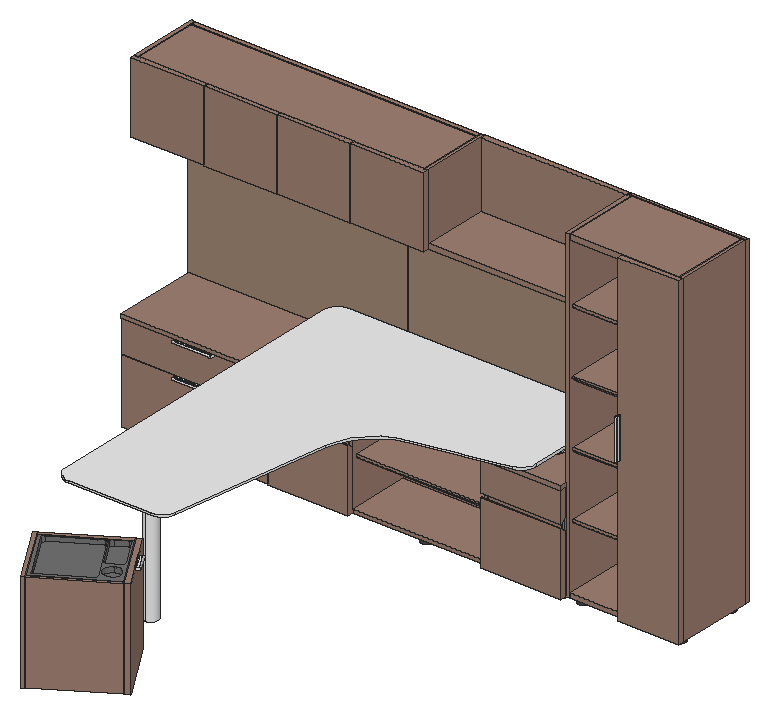
Revit family "OFS TYPICAL S100090", category Furniture, Revit 2022
Family settings
  OmniClass Number = 23.40.20.00
  OmniClass Title = General Furniture and Specialties
  Work Plane-Based = No
  Always vertical = Yes
  Cut with Voids When Loaded = No
  Render Appearance Source = Family Geometry
  Shared = No
  Room Calculation Point = No
Parameters (values of type "S100090")
  URL = "http://ofsbrands.com"
  Table Height [instance] = 27"
  Model = "S100090"
  Manufacturer = "OFS"
  Description = "OFS TYPICAL S100090"
  Default Elevation = 0"
  Copyright © = "© OFS BRANDS 2017"
  Catalog = "APTOS http://ofsbrands.com/products/casegoods/private-office/aptos"
  Authoring Version = "Autodesk Revit Architecture 2013"
  Assembly Code = "E2020200"
Reference planes (in)
  plane 1 "Center (Front/Back)": y = 0
  plane 2: z = 0
  plane 3 "Center (Left/Right)": x = 0
Dimensions and locks (in)
  aligned and locked: level to plane 2
Nested families (in)
  nested 1: "APTOS WALLMOUNT ORGANIZER WITH FOUR HINGED WOOD DOORS" at (-3, 0, 0), type "APTOS WALLMOUNT ORGANIZER WITH FOUR HINGED WOOD DOORS, 60" Width"
  nested 2: "APTOS WALLMOUNT OPEN SHELF ORGANIZER Cantilevered Fixed Shelf" at (42, 0, 0), type "APTOS WALLMOUNT OPEN SHELF ORGANIZER Cantilevered Fixed Shelf 30""
  nested 3: "APTOS LOW HEIGHT MODULAR PEDESTAL BOX-FILE 18IN Depth" at (-18.00247, -1.25, 0) x (-1, 0, 0) z (0, 0, 1), type "APTOS LOW HEIGHT MODULAR PEDESTAL BOX/FILE 30""
    with Width 30"
  nested 4: "APTOS TALL OPEN STORAGE WITH HINGED DOOR 18IN DEPTH" at (68.99753, 0, 0) x (-1, 0, 0) z (0, 0, 1), type "APTOS TALL OPEN STORAGE WITH HINGED DOOR 24" Wide 18" Planning Depth Single Hinged Door Left"
  nested 5: "APTOS HEIGHT ADJUSTABLE SWEEP TOP DESK 74W 60D - CORIAN TOP - 18D CABINET" at (50.99753, -37, 0) x (0, 1, 0) z (0, 0, 1), type "APTOS HEIGHT ADJUSTABLE SWEEP TOP DESK 74W 60W RIGHT OPEN END - CORIAN TOP - 18D CABINET"
    with Worksurface Height 27", Right Column yes, Right 4H4 no, Left Column no, Left 4H4 no, H4H Height Adjustable Panel Base Option no
  nested 6: "APTOS 18D LOW HEIGHT MODULAR CABINET TOP" at (-18.00247, 15, 0) x (-1, 0, 0) z (0, 0, 1), type "APTOS 18D LOW HEIGHT MODULAR CABINET TOP 30" Width"
  nested 7: "OFS APTOS Tackboard Two-Piece Tackboard Between Low Height Wallmounts" at (11.99753, 0, 0), type "Tackboard Two-Piece Tackboard Between Low Height Wallmounts 102 /1"
    with Width 90"
  nested 8: "APTOS MOBILE PEDESTAL" at (2.6181, -86.77102, 0) x (0.5159, -0.8567, 0) z (0, 0, 1), type "APTOS MOBILE PEDESTAL Trailing Box Drawer with Grey Insert Tray"
    with Tray Top yes, Flat Top no
Definition of nested family "APTOS WALLMOUNT ORGANIZER WITH FOUR HINGED WOOD DOORS"
  Parameters (values of type "APTOS WALLMOUNT ORGANIZER WITH FOUR HINGED WOOD DOORS, 78" Width")
    Width = 78"
    URL = "http://ofsbrands.com"
    Total Height [instance] = 68 1/4"
    Door Inset = 1"
    Door Gap = 1/8"
    Default Elevation = 0"
    Board Thick Door = 1"
    Depth = 15 5/8"
    Board Material = none
    Model = "34-7815HDW4"
    Manufacturer = "OFS"
    Board Thick Internal = 3/4"
    Height = 14 1/2"
    Description = "OFS BRANDS OFS WALLMOUNT ORGANIZER WITH HINGED WOOD DOORS, 78\" Width, Four Hinged Doors"
    Copyright © = "© OFS BRANDS 2017"
    Catalog = "APTOS http://ofsbrands.com/products/casegoods/private-office/aptos"
    Bottom Board Offset = 53 3/4"
    Board Thick Top and Bot = 7/8"
    Board Thick Sides = 3/4"
    Board Thick Front = 3/4"
    Board Thick Back = 1 1/8"
    Authoring Version = "Autodesk Revit Architecture 2013"
    Assembly Code = "E2020200"
  Types (5): name | Width | Model | Description
    (no name) | 78" | "34-7815HDW4" | "OFS BRANDS OFS WALLMOUNT ORGANIZER WITH HINGED WOOD DOORS, 78\" Width, Four Hinged Doors"
    APTOS WALLMOUNT ORGANIZER WITH FOUR HINGED WOOD DOORS, 60" Width | 60" | "34-6015HDW4" | "OFS BRANDS OFS WALLMOUNT ORGANIZER WITH HINGED WOOD DOORS, 60\" Width, Four Hinged Doors"
    APTOS WALLMOUNT ORGANIZER WITH FOUR HINGED WOOD DOORS, 66" Width | 66" | "34-6615HDW4" | "OFS BRANDS OFS WALLMOUNT ORGANIZER WITH HINGED WOOD DOORS, 66\" Width, Four Hinged Doors"
    APTOS WALLMOUNT ORGANIZER WITH FOUR HINGED WOOD DOORS, 72" Width | 72" | "34-7215HDW4" | "OFS BRANDS OFS WALLMOUNT ORGANIZER WITH HINGED WOOD DOORS, 72\" Width, Four Hinged Doors"
    APTOS WALLMOUNT ORGANIZER WITH FOUR HINGED WOOD DOORS, 78" Width | 78" | "34-7815HDW4" | "OFS BRANDS OFS WALLMOUNT ORGANIZER WITH HINGED WOOD DOORS, 78\" Width, Four Hinged Doors"
  Reference planes (in)
    plane 1 "Center Front/Back": y = 0
    plane 2: z = 0
    plane 3 "Center Left/Right": x = 0
    plane 4 "Left End": x = -39
    plane 5 "Front End": y = -14.625
    plane 6 "Right End": x = 39
    plane 7 "Back End": y = 0
    plane 8 "Height Top": z = 68.25
    plane 9: x = -38.25
    plane 10: x = 38.25
    plane 11: z = 67.375
    plane 12: z = 53.75
    plane 13: z = 54.625
    plane 14: y = -15.625
    plane 15: y = -1.125
    plane 16: y = -15.625
    plane 17: x = 35.75
    plane 18: x = -35.75
    plane 19: z = 61
    plane 20: x = 0
    plane 21: x = 0.0625
    plane 22: x = -0.0625
    plane 23: x = -19.5
    plane 24: x = -19.4375
    plane 25: x = -19.5625
    plane 26: x = 0.375
    plane 27: x = -0.375
    plane 28: x = 19.5
    plane 29: x = 19.4375
    plane 30: x = 19.5625
  Forms (in)
    Extrusion 1, solid, material <- "Board Material"
      sketch origin (0, 0, 0) x (1, 0, 0) y (0, 1, 0)
        loop
          line (-39, 0) -> (-39, -14.625) -> (-38.25, -14.625) -> (-38.25, 0) -> (-39, 0)
      from 53.75 to 68.25
    Extrusion 2, solid, material <- "Board Material"
      sketch origin (0, 0, 0) x (-1, 0, 0) y (0, -1, 0)
        loop
          line (-39, 0) -> (-38.25, 0) -> (-38.25, 14.625) -> (-39, 14.625) -> (-39, 0)
      from 53.75 to 68.25
    Extrusion 3, solid, material <- "Board Material"
      sketch origin (0, 0, 0) x (1, 0, 0) y (0, 1, 0)
        loop
          line (-38.25, -1.125) -> (-38.25, -14.625) -> (38.25, -14.625) -> (38.25, -1.125) -> (-38.25, -1.125)
      from 53.75 to 54.625
    Extrusion 4, solid, material <- "Board Material"
      sketch origin (0, 0, 0) x (1, 0, 0) y (0, 1, 0)
        loop
          line (-38.25, -1.125) -> (-38.25, -14.625) -> (38.25, -14.625) -> (38.25, -1.125) -> (-38.25, -1.125)
      from 67.375 to 68.25
    Extrusion 5, solid, material <- "Board Material"
      sketch origin (0, 27.875, 0) x (1, 0, 0) y (0, 1, 0)
        loop
          line (-38.25, -27.875) -> (-38.25, -29) -> (38.25, -29) -> (38.25, -27.875) -> (-38.25, -27.875)
      from 53.75 to 68.25
    Extrusion 6, solid, material <- "Board Material"
      sketch origin (0, 0, 0) x (1, 0, 0) y (0, 1, 0)
        loop
          line (39, -14.625) -> (-39, -14.625) -> (-39, -15.625) -> (39, -15.625) -> (39, -14.625)
      from 53.75 to 68.25
    Extrusion 7, void
      sketch origin (0, 0, 0) x (1, 0, 0) y (0, 1, 0)
        loop
          line (-0.0625, -14.625) -> (-0.0625, -15.625) -> (0.0625, -15.625) -> (0.0625, -14.625) -> (-0.0625, -14.625)
      from 53.75 to 68.25
    Extrusion 8, void
      sketch origin (-37, 0, 0) x (1, 0, 0) y (0, 1, 0)
        loop
          line (17.4375, -14.625) -> (17.4375, -15.625) -> (17.5625, -15.625) -> (17.5625, -14.625) -> (17.4375, -14.625)
      from 53.75 to 68.25
    Extrusion 9, void
      sketch origin (19, 0, 0) x (1, 0, 0) y (0, 1, 0)
        loop
          line (0.4375, -14.625) -> (0.4375, -15.625) -> (0.5625, -15.625) -> (0.5625, -14.625) -> (0.4375, -14.625)
      from 53.75 to 68.25
    Extrusion 10, solid, material <- "Board Material"
      sketch origin (0, 0, 0) x (-1, 0, 0) y (0, -1, 0)
        loop
          line (-0.375, 1.125) -> (0.375, 1.125) -> (0.375, 14.625) -> (-0.375, 14.625) -> (-0.375, 1.125)
      from 54.625 to 67.375
  Cuts and joins
    Extrusion 7, Extrusion 8, Extrusion 9 cuts Extrusion 6
    Extrusion 8, Extrusion 9 cuts Extrusion 3
    Extrusion 8, Extrusion 9 cuts Extrusion 4
  Dimensions and locks (in)
    equal spacing: plane 4 "Left End", plane 3 "Center Left/Right", plane 6 "Right End"
    "Width": plane 4 "Left End" to plane 6 "Right End"
    "Height": plane 8 "Height Top" to plane 12
    "Board Thick Sides": plane 4 "Left End" to plane 9
    "Board Thick Sides": plane 10 to plane 6 "Right End"
    "Board Thick Top and Bot": plane 8 "Height Top" to plane 11
    "Board Thick Top and Bot": plane 13 to plane 12
    "Bottom Board Offset": plane 12 to level
    "Board Thick Back": plane 15 to plane 1 "Center Front/Back"
    "Depth": plane 14 to plane 1 "Center Front/Back"
    "Total Height": plane 8 "Height Top" to level
    "Door Inset": plane 5 "Front End" to plane 14
    "Board Thick Door": plane 5 "Front End" to plane 16
    locked: plane 17 to plane 10 at 2.5
    locked: plane 9 to plane 18 at 2.5
    equal spacing: plane 8 "Height Top", plane 19, plane 12
    equal spacing: plane 21, plane 20, plane 22
    "Door Gap": plane 21 to plane 22
    equal spacing: plane 24, plane 23, plane 25
    "Door Gap": plane 24 to plane 25
    equal spacing: plane 26, plane 20, plane 27
    "Board Thick Internal": plane 26 to plane 27
    equal spacing: plane 29, plane 28, plane 30
    "Door Gap": plane 29 to plane 30
    equal spacing: plane 4 "Left End", plane 23, plane 3 "Center Left/Right"
    equal spacing: plane 3 "Center Left/Right", plane 28, plane 6 "Right End"
    aligned and locked: level to plane 2
    aligned and locked: plane 4 "Left End" to Extrusion 1 sketch curve
    aligned and locked: Extrusion 1 sketch curve to plane 9
    aligned and locked: plane 10 to Extrusion 2
    aligned and locked: Extrusion 2 to plane 6 "Right End"
    aligned and locked: plane 12 to Extrusion 2
    aligned and locked: plane 10 to Extrusion 3 sketch curve
    aligned and locked: plane 9 to Extrusion 3 sketch curve
    aligned and locked: Extrusion 3 to plane 13
    aligned and locked: Extrusion 3 to plane 12
    aligned and locked: plane 8 "Height Top" to Extrusion 4
    aligned and locked: Extrusion 4 to plane 11
    aligned and locked: Extrusion 5 to plane 15
    aligned and locked: Extrusion 5 to plane 1 "Center Front/Back"
    aligned and locked: Extrusion 2 to plane 1 "Center Front/Back"
    aligned and locked: plane 8 "Height Top" to Extrusion 2
    aligned and locked: Extrusion 4 to plane 9
    aligned and locked: Extrusion 4 to plane 10
    aligned and locked: plane 8 "Height Top" to Extrusion 1
    aligned and locked: Extrusion 1 to plane 12
    aligned and locked: Extrusion 5 to plane 9
    aligned and locked: Extrusion 5 to plane 10
    aligned and locked: Extrusion 6 to plane 16
    aligned and locked: plane 8 "Height Top" to Extrusion 5
    aligned and locked: Extrusion 5 to plane 12
    aligned and locked: plane 15 to Extrusion 3
    aligned and locked: plane 15 to Extrusion 4
    aligned and locked: Extrusion 4 to plane 5 "Front End"
    aligned and locked: Extrusion 3 to plane 5 "Front End"
    aligned and locked: Extrusion 1 to plane 5 "Front End"
    aligned and locked: plane 5 "Front End" to Extrusion 2
    aligned and locked: Extrusion 6 to plane 12
    aligned and locked: plane 8 "Height Top" to Extrusion 6
    aligned and locked: plane 16 to Extrusion 7 sketch curve
    aligned and locked: Extrusion 7 sketch curve to plane 5 "Front End"
    aligned and locked: plane 8 "Height Top" to Extrusion 7
    aligned and locked: Extrusion 7 to plane 12
    aligned and locked: cut or joined group of Extrusion 6, Extrusion 7, Extrusion 8, Extrusion 9 to plane 4 "Left End"
    aligned and locked: cut or joined group of Extrusion 6, Extrusion 7, Extrusion 8, Extrusion 9 to plane 6 "Right End"
    aligned and locked: cut or joined group of Extrusion 6, Extrusion 7, Extrusion 8, Extrusion 9 to plane 24
    aligned and locked: plane 25 to cut or joined group of Extrusion 6, Extrusion 7, Extrusion 8, Extrusion 9
    aligned and locked: Extrusion 10 to plane 26
    aligned and locked: plane 27 to Extrusion 10
    aligned and locked: plane 15 to Extrusion 10
    aligned and locked: Extrusion 10 to plane 5 "Front End"
    aligned and locked: plane 11 to Extrusion 10
    aligned and locked: Extrusion 10 to plane 13
    aligned and locked: plane 20 to plane 3 "Center Left/Right"
    aligned and locked: cut or joined group of Extrusion 6, Extrusion 7, Extrusion 8, Extrusion 9 to plane 30
    aligned and locked: plane 29 to cut or joined group of Extrusion 6, Extrusion 7, Extrusion 8, Extrusion 9
  Automatic sketch dimensions
    Extrusion 7 sketch curve to plane 3 "Center Left/Right" = 1/16"
    plane 3 "Center Left/Right" to Extrusion 7 sketch curve = 1/16"
    Extrusion 1 sketch curve to plane 5 "Front End" = 0"
    plane 1 "Center Front/Back" to Extrusion 1 sketch curve = 0"
    plane 5 "Front End" to Extrusion 2 sketch curve = 0"
    Extrusion 2 sketch curve to plane 6 "Right End" = 0"
    Extrusion 2 sketch curve to plane 10 = 0"
    plane 1 "Center Front/Back" to Extrusion 2 sketch curve = 0"
    Extrusion 3 sketch curve to plane 5 "Front End" = 0"
    Extrusion 3 sketch curve to plane 15 = 0"
    Extrusion 4 sketch curve to plane 5 "Front End" = 0"
    Extrusion 4 sketch curve to plane 9 = 0"
    Extrusion 4 sketch curve to plane 10 = 0"
    Extrusion 4 sketch curve to plane 15 = 0"
    Extrusion 5 sketch curve to plane 9 = 0"
    Extrusion 5 sketch curve to plane 10 = 0"
    Extrusion 5 sketch curve to plane 15 = 0"
    plane 1 "Center Front/Back" to Extrusion 5 sketch curve = 0"
    Extrusion 6 sketch curve to plane 4 "Left End" = 0"
    Extrusion 6 sketch curve to plane 6 "Right End" = 0"
    plane 14 to Extrusion 6 sketch curve = 0"
    plane 5 "Front End" to Extrusion 6 sketch curve = 0"
    Extrusion 8 sketch curve to plane 14 = 0"
    Extrusion 8 sketch curve to plane 25 = 0"
    Extrusion 8 sketch curve to plane 24 = 0"
    Extrusion 8 sketch curve to plane 5 "Front End" = 0"
    plane 14 to Extrusion 9 sketch curve = 0"
    Extrusion 9 sketch curve to plane 5 "Front End" = 0"
    Extrusion 9 sketch curve to plane 29 = 0"
    Extrusion 9 sketch curve to Extrusion 9 sketch curve = 1/8"
    Extrusion 10 sketch curve to plane 5 "Front End" = 0"
    Extrusion 10 sketch curve to plane 26 = 0"
    Extrusion 10 sketch curve to plane 27 = 0"
    Extrusion 10 sketch curve to plane 15 = 0"
Definition of nested family "APTOS WALLMOUNT OPEN SHELF ORGANIZER Cantilevered Fixed Shelf"
  Parameters (values of type "APTOS WALLMOUNT OPEN SHELF ORGANIZER Cantilevered Fixed Shelf 96"")
    Width = 96"
    Wall Board Thickness = 1"
    URL = "http://ofsbrands.com"
    Shelf Board Thickness = 1"
    Depth = 14 1/2"
    Default Elevation = 0"
    Bottom Board Offset [instance] = 53 3/4"
    Board Material = none
    Model = "34-9615WS"
    Manufacturer = "OFS"
    Height = 14 1/2"
    Description = "OFS BRANDS OFS APTOS WALLMOUNT OPEN SHELF ORGANIZER Cantilevered Fixed Shelf 96\""
    Copyright © = "© OFS BRANDS 2017"
    Catalog = "APTOS http://ofsbrands.com/products/casegoods/private-office/aptos"
    Authoring Version = "Autodesk Revit Architecture 2013"
    Assembly Code = "E2020200"
  Types (15): name | Width | Model | Description
    (no name) | 96" | "34-9615WS" | "OFS BRANDS OFS APTOS WALLMOUNT OPEN SHELF ORGANIZER Cantilevered Fixed Shelf 96\""
    APTOS WALLMOUNT OPEN SHELF ORGANIZER Cantilevered Fixed Shelf 30" | 30" | "34-3015WS" | "OFS BRANDS OFS APTOS WALLMOUNT OPEN SHELF ORGANIZER Cantilevered Fixed Shelf 30\""
    APTOS WALLMOUNT OPEN SHELF ORGANIZER Cantilevered Fixed Shelf 36" | 36" | "34-3615WS" | "OFS BRANDS OFS APTOS WALLMOUNT OPEN SHELF ORGANIZER Cantilevered Fixed Shelf 36\""
    APTOS WALLMOUNT OPEN SHELF ORGANIZER Cantilevered Fixed Shelf 42" | 42" | "34-4215WS" | "OFS BRANDS OFS APTOS WALLMOUNT OPEN SHELF ORGANIZER Cantilevered Fixed Shelf 42\""
    APTOS WALLMOUNT OPEN SHELF ORGANIZER Cantilevered Fixed Shelf 48" | 48" | "34-4815WS" | "OFS BRANDS OFS APTOS WALLMOUNT OPEN SHELF ORGANIZER Cantilevered Fixed Shelf 48\""
    APTOS WALLMOUNT OPEN SHELF ORGANIZER Cantilevered Fixed Shelf 54" | 54" | "34-5415WS" | "OFS BRANDS OFS APTOS WALLMOUNT OPEN SHELF ORGANIZER Cantilevered Fixed Shelf 54\""
    APTOS WALLMOUNT OPEN SHELF ORGANIZER Cantilevered Fixed Shelf 60" | 60" | "34-6015WS" | "OFS BRANDS OFS APTOS WALLMOUNT OPEN SHELF ORGANIZER Cantilevered Fixed Shelf 60\""
    APTOS WALLMOUNT OPEN SHELF ORGANIZER Cantilevered Fixed Shelf 66" | 66" | "34-6615WS" | "OFS BRANDS OFS APTOS WALLMOUNT OPEN SHELF ORGANIZER Cantilevered Fixed Shelf 66\""
    APTOS WALLMOUNT OPEN SHELF ORGANIZER Cantilevered Fixed Shelf 72" | 72" | "34-7215WS" | "OFS BRANDS OFS APTOS WALLMOUNT OPEN SHELF ORGANIZER Cantilevered Fixed Shelf 72\""
    APTOS WALLMOUNT OPEN SHELF ORGANIZER Cantilevered Fixed Shelf 78" | 78" | "34-7815WS" | "OFS BRANDS OFS APTOS WALLMOUNT OPEN SHELF ORGANIZER Cantilevered Fixed Shelf 78\""
    APTOS WALLMOUNT OPEN SHELF ORGANIZER Cantilevered Fixed Shelf 84" | 84" | "34-8415WS" | "OFS BRANDS OFS APTOS WALLMOUNT OPEN SHELF ORGANIZER Cantilevered Fixed Shelf 84\""
    APTOS WALLMOUNT OPEN SHELF ORGANIZER Cantilevered Fixed Shelf 90" | 90" | "34-9015WS" | "OFS BRANDS OFS APTOS WALLMOUNT OPEN SHELF ORGANIZER Cantilevered Fixed Shelf 90\""
    APTOS WALLMOUNT OPEN SHELF ORGANIZER Cantilevered Fixed Shelf 96" | 96" | "34-9615WS" | "OFS BRANDS OFS APTOS WALLMOUNT OPEN SHELF ORGANIZER Cantilevered Fixed Shelf 96\""
    APTOS WALLMOUNT OPEN SHELF ORGANIZER Cantilevered Fixed Shelf 102" | 102" | "34-10215WS" | "OFS BRANDS OFS APTOS WALLMOUNT OPEN SHELF ORGANIZER Cantilevered Fixed Shelf 102\""
    APTOS WALLMOUNT OPEN SHELF ORGANIZER Cantilevered Fixed Shelf 108" | 108" | "34-10815WS" | "OFS BRANDS OFS APTOS WALLMOUNT OPEN SHELF ORGANIZER Cantilevered Fixed Shelf 108\""
  Reference planes (in)
    plane 1 "Center Front/Back": y = 0
    plane 2: z = 0
    plane 3 "Center Left/Right": x = 0
    plane 4 "Left End": x = -48
    plane 5 "Front End": y = -14.5
    plane 6 "Right End": x = 48
    plane 7 "Height Top": z = 54.75
    plane 8: z = 53.75
    plane 9: y = -1
    plane 10: z = 68.25
  Forms (in)
    Extrusion 1, solid, material <- "Board Material"
      sketch origin (0, 0, 0) x (1, 0, 0) y (0, 1, 0)
        loop
          line (-48, -1) -> (-48, -14.5) -> (48, -14.5) -> (48, -1) -> (-48, -1)
      from 53.75 to 54.75
    Extrusion 2, solid, material <- "Board Material"
      sketch origin (0, 0, 0) x (1, 0, 0) y (0, 1, 0)
        loop
          line (-48, 0) -> (-48, -1) -> (48, -1) -> (48, 0) -> (-48, 0)
      from 53.75 to 68.25
  Dimensions and locks (in)
    "Shelf Board Thickness": plane 7 "Height Top" to plane 8
    "Bottom Board Offset": plane 8 to level
    "Depth": plane 5 "Front End" to plane 1 "Center Front/Back"
    equal spacing: plane 4 "Left End", plane 3 "Center Left/Right", plane 6 "Right End"
    "Width": plane 4 "Left End" to plane 6 "Right End"
    "Wall Board Thickness": plane 9 to plane 1 "Center Front/Back"
    "Height": plane 10 to plane 8
    aligned and locked: level to plane 2
    aligned and locked: plane 4 "Left End" to Extrusion 1 sketch curve
    aligned and locked: Extrusion 1 sketch curve to plane 5 "Front End"
    aligned and locked: plane 6 "Right End" to Extrusion 1 sketch curve
    aligned and locked: Extrusion 1 to plane 9
    aligned and locked: plane 4 "Left End" to Extrusion 2 sketch curve
    aligned and locked: plane 6 "Right End" to Extrusion 2 sketch curve
    aligned and locked: plane 1 "Center Front/Back" to Extrusion 2 sketch curve
    aligned and locked: Extrusion 2 sketch curve to plane 9
    aligned and locked: Extrusion 2 to plane 10
    aligned and locked: Extrusion 2 to plane 8
    aligned and locked: Extrusion 1 to plane 7 "Height Top"
    aligned and locked: Extrusion 1 to plane 8
  Automatic sketch dimensions
    plane 1 "Center Front/Back" to Extrusion 1 sketch curve = 1"
Definition of nested family "APTOS LOW HEIGHT MODULAR PEDESTAL BOX-FILE 18IN Depth"
  Parameters
    Width = 36"
    URL = "http://ofsbrands.com"
    Shelf Height = 13 3/16"
    Handle Lengh = 8"
    Drawer Gap = 1/8"
    Door Handle Material = none
    Default Elevation = 0"
    Board Thick Door = 1 1/8"
    Depth = 16 5/8"
    Board Material = none
    Model = "34-L3618MPD8"
    Manufacturer = "OFS"
    Leg Caps Material = none
    Leg Offset = 2"
    Height = 21 1/2"
    Description = "OFS BRANDS OFS APTOS APTOS LOW HEIGHT MODULAR PEDESTAL BOX/FILE 36\" One Box Drawer, One Lateral File Drawer"
    Copyright © = "© OFS BRANDS 2017"
    Catalog = "APTOS http://ofsbrands.com/products/casegoods/private-office/aptos"
    Bottom Board Offset = 1 1/2"
    Board Thick Top and Bot = 1"
    Board Thick Shelfs = 1"
    Board Thick Sides = 3/4"
    Board Thick Front = 3/4"
    Board Thick Back = 3/4"
    Authoring Version = "Autodesk Revit Architecture 2013"
    Assembly Code = "E2020200"
  Reference planes (in)
    plane 1 "Center Front/Back": y = 0
    plane 2: z = 0
    plane 3 "Center Left/Right": x = 0
    plane 4 "Left End": x = -18
    plane 5 "Front End": y = -15.5
    plane 6 "Right End": x = 18
    plane 7 "Back End": y = 0
    plane 8 "Height Top": z = 21.5
    plane 9: x = -17.25
    plane 10: x = 17.25
    plane 11: z = 14.6875
    plane 12: z = 15.6875
    plane 13: z = 1.5
    plane 14: z = 2.5
    plane 15: y = -14.75
    plane 16: y = -2
    plane 17: y = -2
    plane 18: y = -13.5
    plane 19: y = -13.5
    plane 20: x = -16
    plane 21: x = 16
    plane 22: x = 16
    plane 23: x = -16
    plane 24: y = -16.625
    plane 25: z = 14.8125
    plane 26: x = -4
    plane 27: x = 4
    plane 28: y = -0.75
  Forms (in)
    Extrusion 1, solid, material <- "Board Material"
      sketch origin (0, 0, 0) x (1, 0, 0) y (0, 1, 0)
        loop
          line (-18, 0) -> (-18, -15.5) -> (-17.25, -15.5) -> (-17.25, 0) -> (-18, 0)
      from 1.5 to 21.5
    Extrusion 2, solid, material <- "Board Material"
      sketch origin (0, 0, 0) x (-1, 0, 0) y (0, -1, 0)
        loop
          line (-18, 0) -> (-17.25, 0) -> (-17.25, 15.5) -> (-18, 15.5) -> (-18, 0)
      from 1.5 to 21.5
    Extrusion 3, solid, material <- "Board Material"
      sketch origin (0, 0, 0) x (1, 0, 0) y (0, 1, 0)
        loop
          line (-17.25, 0) -> (-17.25, -15.5) -> (17.25, -15.5) -> (17.25, 0) -> (-17.25, 0)
      from 1.5 to 2.5
    Revolve 4, solid, material <- "Leg Caps Material"
      sketch origin (0, -2, 0) x (-1, 0, 0) y (0, 0, 1)
        loop
          line (15, 0.28743) -> (15.5, 0.28743)
          arc (15.5, 0.28743) -> (15.35629, 0.14371) -> (15.5, 0) r 0.14371
          line (15.5, 0) -> (16, 0) -> (16, 1.5) -> (15, 1.5) -> (15, 0.28743)
        axis (16, 1.5) -> (16, 0)
      angle from 0 to 360
    Revolve 5, solid, material <- "Leg Caps Material"
      sketch origin (0, -2, 0) x (1, 0, 0) y (0, 0, -1)
        loop
          line (15, -0.28743) -> (15, -1.5) -> (16, -1.5) -> (16, 0) -> (15.5, 0)
          arc (15.5, 0) -> (15.35629, -0.14371) -> (15.5, -0.28743) r 0.14371
          line (15.5, -0.28743) -> (15, -0.28743)
        axis (16, -1.5) -> (16, 0)
      angle from 0 to 360
    Revolve 6, solid, material <- "Leg Caps Material"
      sketch origin (0, -13.5, 0) x (-1, 0, 0) y (0, 0, -1)
        loop
          line (15, -0.28743) -> (15, -1.5) -> (16, -1.5) -> (16, 0) -> (15.5, 0)
          arc (15.5, 0) -> (15.35629, -0.14371) -> (15.5, -0.28743) r 0.14371
          line (15.5, -0.28743) -> (15, -0.28743)
        axis (16, -1.5) -> (16, 0)
      angle from 0 to 360
    Revolve 7, solid, material <- "Leg Caps Material"
      sketch origin (0, -13.5, 0) x (1, 0, 0) y (0, 0, 1)
        loop
          line (15, 0.28743) -> (15.5, 0.28743)
          arc (15.5, 0.28743) -> (15.35629, 0.14371) -> (15.5, 0) r 0.14371
          line (15.5, 0) -> (16, 0) -> (16, 1.5) -> (15, 1.5) -> (15, 0.28743)
        axis (16, 1.5) -> (16, 0)
      angle from 0 to 360
    Extrusion 8, solid, material <- "Board Material"
      sketch origin (0, 27.875, 0) x (1, 0, 0) y (0, 1, 0)
        loop
          line (-17.25, -27.875) -> (-17.25, -28.625) -> (17.25, -28.625) -> (17.25, -27.875) -> (-17.25, -27.875)
      from 2.5 to 21.5
    Extrusion 9, solid, material <- "Board Material"
      sketch origin (0, 0, 0) x (1, 0, 0) y (0, 1, 0)
        loop
          line (18, -15.5) -> (-18, -15.5) -> (-18, -16.625) -> (18, -16.625) -> (18, -15.5)
      from 1.5 to 14.6875
    Extrusion 10, solid, material <- "Board Material"
      sketch origin (0, 0, 0) x (1, 0, 0) y (0, 1, 0)
        loop
          line (18, -15.5) -> (-18, -15.5) -> (-18, -16.625) -> (18, -16.625) -> (18, -15.5)
      from 14.8125 to 21.5
    Extrusion 11, solid, material <- "Door Handle Material"
      sketch origin (0, 7.01942, -2.70267) x (0, 1, 0) y (0, 0, 1)
        loop
          arc (-24.44863, 17.3872) -> (-24.63506, 17.20076) -> (-24.44863, 17.01433) r 0.18644
          arc (-24.44863, 17.01433) -> (-24.36853, 17.01913) -> (-24.28958, 17.03348) r 0.66994
          arc (-24.28958, 17.03348) -> (-24.06675, 17.06125) -> (-23.84329, 17.03915) r 1.01098
          arc (-23.84329, 17.03915) -> (-23.74439, 17.02301) -> (-23.64442, 17.01609) r 1.08212
          line (-23.64442, 17.01609) -> (-23.64442, 17.39017)
          arc (-23.64442, 17.39017) -> (-23.74475, 17.37561) -> (-23.84329, 17.35174) r 1.08374
          arc (-23.84329, 17.35174) -> (-24.06697, 17.32316) -> (-24.28958, 17.35914) r 0.78757
          arc (-24.28958, 17.35914) -> (-24.36779, 17.38063) -> (-24.44863, 17.3872) r 0.43385
      from -4 to 4
    Extrusion 12, solid, material <- "Door Handle Material"
      sketch origin (0, 7.01942, 4.85983) x (0, 1, 0) y (0, 0, 1)
        loop
          arc (-24.44863, 16.6372) -> (-24.63506, 16.45076) -> (-24.44863, 16.26433) r 0.18644
          arc (-24.44863, 16.26433) -> (-24.36853, 16.26913) -> (-24.28958, 16.28348) r 0.66994
          arc (-24.28958, 16.28348) -> (-24.06675, 16.31125) -> (-23.84329, 16.28915) r 1.01098
          arc (-23.84329, 16.28915) -> (-23.74439, 16.27301) -> (-23.64442, 16.26609) r 1.08212
          line (-23.64442, 16.26609) -> (-23.64442, 16.64017)
          arc (-23.64442, 16.64017) -> (-23.74475, 16.62561) -> (-23.84329, 16.60174) r 1.08374
          arc (-23.84329, 16.60174) -> (-24.06697, 16.57316) -> (-24.28958, 16.60914) r 0.78757
          arc (-24.28958, 16.60914) -> (-24.36779, 16.63063) -> (-24.44863, 16.6372) r 0.43385
      from -4 to 4
  Dimensions and locks (in)
    equal spacing: plane 4 "Left End", plane 3 "Center Left/Right", plane 6 "Right End"
    "Width": plane 4 "Left End" to plane 6 "Right End"
    "Height": plane 8 "Height Top" to level
    "Board Thick Sides": plane 4 "Left End" to plane 9
    "Board Thick Sides": plane 10 to plane 6 "Right End"
    "Board Thick Shelfs": plane 12 to plane 11
    "Board Thick Top and Bot": plane 14 to plane 13
    "Bottom Board Offset": plane 13 to level
    "Board Thick Front": plane 15 to plane 5 "Front End"
    "Leg Offset": plane 18 to plane 5 "Front End"
    "Leg Offset": plane 19 to plane 5 "Front End"
    "Leg Offset": plane 16 to plane 7 "Back End"
    "Leg Offset": plane 17 to plane 7 "Back End"
    "Leg Offset": plane 4 "Left End" to plane 20
    "Leg Offset": plane 21 to plane 6 "Right End"
    "Leg Offset": plane 22 to plane 6 "Right End"
    "Leg Offset": plane 4 "Left End" to plane 23
    "Board Thick Door": plane 24 to plane 5 "Front End"
    "Shelf Height": plane 12 to plane 14
    "Drawer Gap": plane 25 to plane 11
    "Handle Lengh": plane 26 to plane 27
    "Board Thick Back": plane 28 to plane 1 "Center Front/Back"
    "Depth": plane 24 to plane 1 "Center Front/Back"
    equal spacing: plane 26, plane 3 "Center Left/Right", plane 27
    aligned and locked: level to plane 2
    aligned and locked: plane 5 "Front End" to Extrusion 1 sketch curve
    aligned and locked: plane 4 "Left End" to Extrusion 1 sketch curve
    aligned and locked: Extrusion 1 sketch curve to plane 9
    aligned and locked: Extrusion 2 to plane 5 "Front End"
    aligned and locked: plane 10 to Extrusion 2
    aligned and locked: Extrusion 2 to plane 6 "Right End"
    aligned and locked: plane 13 to Extrusion 2
    aligned and locked: plane 10 to Extrusion 3 sketch curve
    aligned and locked: plane 9 to Extrusion 3 sketch curve
    aligned and locked: plane 17 to Revolve 4
    aligned and locked: Revolve 5 to plane 16
    aligned and locked: plane 19 to Revolve 7
    aligned and locked: Revolve 6 to plane 18
    aligned and locked: Extrusion 3 to plane 14
    aligned and locked: Extrusion 3 to plane 13
    aligned and locked: Extrusion 9 to plane 13
    aligned and locked: Extrusion 9 to plane 6 "Right End"
    aligned and locked: Extrusion 10 to plane 6 "Right End"
    aligned and locked: Extrusion 9 to plane 11
    aligned and locked: Extrusion 10 to plane 25
    aligned and locked: Extrusion 11 to plane 27
    aligned and locked: Extrusion 11 to plane 26
    aligned and locked: Extrusion 8 to plane 28
    aligned and locked: Extrusion 8 to plane 1 "Center Front/Back"
    aligned and locked: Extrusion 1 to plane 1 "Center Front/Back"
    aligned and locked: Extrusion 2 to plane 1 "Center Front/Back"
    aligned and locked: Extrusion 3 to plane 1 "Center Front/Back"
    aligned and locked: Extrusion 1 to plane 13
    aligned and locked: Extrusion 10 to plane 4 "Left End"
    aligned and locked: Extrusion 9 to plane 4 "Left End"
    aligned and locked: plane 8 "Height Top" to Extrusion 10
    aligned and locked: plane 8 "Height Top" to Extrusion 8
    aligned and locked: plane 8 "Height Top" to Extrusion 1
    aligned and locked: plane 8 "Height Top" to Extrusion 2
    aligned and locked: Extrusion 12 to plane 27
    aligned and locked: Extrusion 12 to plane 26
    aligned and locked: Extrusion 8 to plane 10
    aligned and locked: Extrusion 8 to plane 9
    aligned and locked: Extrusion 8 to Extrusion 3
  Automatic sketch dimensions
    plane 1 "Center Front/Back" to Extrusion 1 sketch curve = 0"
    Extrusion 2 sketch curve to plane 5 "Front End" = 0"
    Extrusion 2 sketch curve to plane 6 "Right End" = 0"
    Extrusion 2 sketch curve to plane 10 = 0"
    plane 1 "Center Front/Back" to Extrusion 2 sketch curve = 0"
    Extrusion 3 sketch curve to plane 5 "Front End" = 0"
    plane 1 "Center Front/Back" to Extrusion 3 sketch curve = 0"
    Revolve 4 sketch curve to plane 13 = 0"
    Revolve 4 sketch curve to level = 0"
    plane 20 to Revolve 4 sketch curve = 0"  (x2)
    level to Revolve 4 sketch curve = 0.28743"
    Revolve 4 sketch curve to Revolve 4 sketch curve = 1/2"  (x3)
    Revolve 4 sketch curve to Revolve 4 sketch curve = 0"
    level to Revolve 4 sketch curve = 0.14371"
    Revolve 4 sketch curve to plane 14 = 1/4"
    Revolve 5 sketch curve to plane 13 = 0"
    Revolve 5 sketch curve to level = 0"
    Revolve 5 sketch curve to plane 21 = 0"  (x2)
    level to Revolve 5 sketch curve = 0.28743"
    Revolve 5 sketch curve to Revolve 5 sketch curve = 1/2"  (x2)
    Revolve 5 sketch curve to Revolve 5 sketch curve = 0"  (x2)
    Revolve 5 sketch curve to plane 14 = 1/4"
    Revolve 5 sketch curve to level = 1/2"
    Revolve 6 sketch curve to plane 13 = 0"
    Revolve 6 sketch curve to level = 0"
    plane 20 to Revolve 6 sketch curve = 0"  (x2)
    level to Revolve 6 sketch curve = 0.28743"
    Revolve 6 sketch curve to plane 20 = 1/2"
    Revolve 6 sketch curve to Revolve 6 sketch curve = 1/2"
    Revolve 6 sketch curve to Revolve 6 sketch curve = 0"  (x2)
    Revolve 6 sketch curve to plane 14 = 1/4"
    Revolve 6 sketch curve to level = 1/2"
    Revolve 7 sketch curve to plane 13 = 0"
    Revolve 7 sketch curve to level = 0"
    Revolve 7 sketch curve to plane 21 = 0"  (x2)
    level to Revolve 7 sketch curve = 0.28743"
    Revolve 7 sketch curve to plane 21 = 1/2"
    Revolve 7 sketch curve to Revolve 7 sketch curve = 1/2"  (x2)
    Revolve 7 sketch curve to Revolve 7 sketch curve = 0"
    level to Revolve 7 sketch curve = 0.14371"
    Revolve 7 sketch curve to plane 14 = 1/4"
    plane 4 "Left End" to Extrusion 8 sketch curve = 3/4"
    plane 6 "Right End" to Extrusion 8 sketch curve = 3/4"
    Extrusion 8 sketch curve to plane 28 = 0"
    plane 1 "Center Front/Back" to Extrusion 8 sketch curve = 0"
    Extrusion 9 sketch curve to plane 4 "Left End" = 0"
    Extrusion 9 sketch curve to plane 6 "Right End" = 0"
    plane 24 to Extrusion 9 sketch curve = 0"
    Extrusion 9 sketch curve to plane 5 "Front End" = 0"
    Extrusion 10 sketch curve to plane 4 "Left End" = 0"
    Extrusion 10 sketch curve to plane 6 "Right End" = 0"
    plane 24 to Extrusion 10 sketch curve = 0"
    Extrusion 10 sketch curve to plane 5 "Front End" = 0"
    Extrusion 11 sketch curve to plane 11 = 0"
    Extrusion 11 sketch curve to plane 24 = 0"
    Extrusion 11 sketch curve to plane 11 = 0.37408"
    plane 24 to Extrusion 11 sketch curve = 0.80421"
    Extrusion 11 sketch curve to Extrusion 11 sketch curve = 0.00546"
    Extrusion 11 sketch curve to plane 11 = 0.03103"
    Extrusion 11 sketch curve to Extrusion 11 sketch curve = 0.15905"  (x2)
    plane 24 to Extrusion 11 sketch curve = 0.4095"  (x2)
    Extrusion 11 sketch curve to plane 12 = 0.27955"
    Extrusion 11 sketch curve to plane 11 = 0.03843"
    plane 24 to Extrusion 11 sketch curve = 0.19887"
    Extrusion 11 sketch curve to plane 24 = 0.02468"
    Extrusion 11 sketch curve to plane 24 = 0.10528"
    Extrusion 11 sketch curve to Extrusion 11 sketch curve = 0.2612"
    Extrusion 11 sketch curve to Extrusion 11 sketch curve = 0.40575"
    Extrusion 11 sketch curve to Extrusion 11 sketch curve = 0.06095"
    Extrusion 11 sketch curve to Extrusion 11 sketch curve = 0"
    Extrusion 11 sketch curve to Extrusion 11 sketch curve = 0.01915"
    Extrusion 12 sketch curve to plane 8 "Height Top" = 0"
    Extrusion 12 sketch curve to plane 24 = 0"
    Extrusion 12 sketch curve to plane 8 "Height Top" = 0.37408"
    plane 24 to Extrusion 12 sketch curve = 0.80421"
    Extrusion 12 sketch curve to Extrusion 12 sketch curve = 0.00546"
    Extrusion 12 sketch curve to plane 8 "Height Top" = 0.03103"
    Extrusion 12 sketch curve to Extrusion 12 sketch curve = 0.15905"  (x2)
    plane 24 to Extrusion 12 sketch curve = 0.4095"  (x2)
    Extrusion 12 sketch curve to plane 8 "Height Top" = 0.03843"
    Extrusion 12 sketch curve to Extrusion 12 sketch curve = 0.19887"
    plane 24 to Extrusion 12 sketch curve = 0.19887"
    Extrusion 12 sketch curve to plane 24 = 0.02468"
    Extrusion 12 sketch curve to plane 24 = 0.10528"
    Extrusion 12 sketch curve to Extrusion 12 sketch curve = 0.2612"
    Extrusion 12 sketch curve to Extrusion 12 sketch curve = 0.40575"
    Extrusion 12 sketch curve to Extrusion 12 sketch curve = 0.06095"
    Extrusion 12 sketch curve to Extrusion 12 sketch curve = 0"
    Extrusion 12 sketch curve to Extrusion 12 sketch curve = 0.01915"
Definition of nested family "APTOS TALL OPEN STORAGE WITH HINGED DOOR 18IN DEPTH"
  Parameters
    Width = 24"
    URL = "http://ofsbrands.com"
    Handle Lengh = 8 1/4"
    Half Door Right = no
    Half Door Left = yes
    Half Door = yes
    Door Handle Material = none
    Default Elevation = 0"
    Board Thick Door = 1 1/8"
    Depth = 17 7/8"
    Board Material = none
    Model = "34-2468LSC1S"
    Manufacturer = "OFS"
    Leg Caps Material = none
    Leg Offset = 2"
    Board Thick Internal = 3/4"
    Height = 68 1/4"
    Description = "OFS BRANDS OFS APTOS TALL OPEN STORAGE WITH HINGED DOOR 24\" Wide 18\" Planning Depth Single Hinged Door Left with Optional Pull, Coat Hook or Hang Rod,Three Adjustable 1\" Thick Shelves with Beveled Edge and One Fixed Shelf per Section"
    Copyright © = "© OFS BRANDS 2017"
    Catalog = "APTOS http://ofsbrands.com/products/casegoods/private-office/aptos"
    Bottom Board Offset = 1 1/2"
    Board Thick Top and Bot = 1"
    Board Thick Shelfs = 1"
    Board Thick Sides = 3/4"
    Board Thick Front = 3/4"
    Board Thick Back = 3/4"
    Authoring Version = "Autodesk Revit Architecture 2013"
    Assembly Code = "E2020200"
  Reference planes (in)
    plane 1 "Center Front/Back": y = 0
    plane 2: z = 0
    plane 3 "Center Left/Right": x = 0
    plane 4 "Left End": x = -12
    plane 5 "Front End": y = -16.75
    plane 6 "Right End": x = 12
    plane 7 "Back End": y = 0
    plane 8 "Height Top": z = 68.25
    plane 9: x = -11.25
    plane 10: x = 11.25
    plane 11: z = 14.65
    plane 12: z = 15.65
    plane 13: z = 67.25
    plane 14: z = 1.5
    plane 15: z = 2.5
    plane 16: y = -16
    plane 17: y = -2
    plane 18: y = -2
    plane 19: y = -14.75
    plane 20: y = -14.75
    plane 21: x = -10
    plane 22: x = 10
    plane 23: x = 10
    plane 24: x = -10
    plane 25: x = -0.375
    plane 26: x = 0.375
    plane 27: y = -17.875
    plane 28: y = -0.75
    plane 29: z = 27.8
    plane 30: z = 28.8
    plane 31: z = 40.95
    plane 32: z = 41.95
    plane 33: z = 54.1
    plane 34: z = 55.1
  Forms (in)
    Extrusion 1, solid, material <- "Board Material"
      sketch origin (0, 0, 0) x (1, 0, 0) y (0, 1, 0)
        loop
          line (-12, -0.75) -> (-12, -16.75) -> (-11.25, -16.75) -> (-11.25, -0.75) -> (-12, -0.75)
      from 1.5 to 68.25
    Extrusion 2, solid, material <- "Board Material"
      sketch origin (0, 0, 0) x (-1, 0, 0) y (0, -1, 0)
        loop
          line (-12, 0.75) -> (-11.25, 0.75) -> (-11.25, 16.75) -> (-12, 16.75) -> (-12, 0.75)
      from 1.5 to 68.25
    Extrusion 3, solid, material <- "Board Material"
      sketch origin (0, 0, 0) x (1, 0, 0) y (0, 1, 0)
        loop
          line (-11.25, -0.75) -> (-11.25, -16.75) -> (11.25, -16.75) -> (11.25, -0.75) -> (-11.25, -0.75)
      from 1.5 to 2.5
    Extrusion 4, solid, material <- "Board Material"
      sketch origin (0, 0, 0) x (1, 0, 0) y (0, 1, 0)
        loop
          line (-11.25, -0.75) -> (-11.25, -16.75) -> (11.25, -16.75) -> (11.25, -0.75) -> (-11.25, -0.75)
      from 67.25 to 68.25
    Revolve 5, solid, material <- "Leg Caps Material"
      sketch origin (0, -2, 0) x (-1, 0, 0) y (0, 0, 1)
        loop
          line (9, 0.28743) -> (9.5, 0.28743)
          arc (9.5, 0.28743) -> (9.35629, 0.14371) -> (9.5, 0) r 0.14371
          line (9.5, 0) -> (10, 0) -> (10, 1.5) -> (9, 1.5) -> (9, 0.28743)
        axis (10, 1.5) -> (10, 0)
      angle from 0 to 360
    Revolve 6, solid, material <- "Leg Caps Material"
      sketch origin (0, -2, 0) x (1, 0, 0) y (0, 0, -1)
        loop
          line (9, -0.28743) -> (9, -1.5) -> (10, -1.5) -> (10, 0) -> (9.5, 0)
          arc (9.5, 0) -> (9.35629, -0.14371) -> (9.5, -0.28743) r 0.14371
          line (9.5, -0.28743) -> (9, -0.28743)
        axis (10, -1.5) -> (10, 0)
      angle from 0 to 360
    Revolve 7, solid, material <- "Leg Caps Material"
      sketch origin (0, -14.75, 0) x (-1, 0, 0) y (0, 0, -1)
        loop
          line (9, -0.28743) -> (9, -1.5) -> (10, -1.5) -> (10, 0) -> (9.5, 0)
          arc (9.5, 0) -> (9.35629, -0.14371) -> (9.5, -0.28743) r 0.14371
          line (9.5, -0.28743) -> (9, -0.28743)
        axis (10, -1.5) -> (10, 0)
      angle from 0 to 360
    Revolve 8, solid, material <- "Leg Caps Material"
      sketch origin (0, -14.75, 0) x (1, 0, 0) y (0, 0, 1)
        loop
          line (9, 0.28743) -> (9.5, 0.28743)
          arc (9.5, 0.28743) -> (9.35629, 0.14371) -> (9.5, 0) r 0.14371
          line (9.5, 0) -> (10, 0) -> (10, 1.5) -> (9, 1.5) -> (9, 0.28743)
        axis (10, 1.5) -> (10, 0)
      angle from 0 to 360
    Extrusion 9, solid, material <- "Board Material"
      sketch origin (0, 0, 0) x (1, 0, 0) y (0, 1, 0)
        loop
          line (-0.375, -0.75) -> (-0.375, -16.75) -> (0.375, -16.75) -> (0.375, -0.75) -> (-0.375, -0.75)
      from 2.5 to 67.25
    Extrusion 10, solid, material <- "Board Material", visible <- "Half Door Left"
      sketch origin (0, 0, 0) x (1, 0, 0) y (0, 1, 0)
        loop
          line (0.375, -16.75) -> (-12, -16.75) -> (-12, -17.875) -> (0.375, -17.875) -> (0.375, -16.75)
      from 1.5 to 68.25
    Extrusion 11, solid, material <- "Board Material"
      sketch origin (0, 27.875, 0) x (1, 0, 0) y (0, 1, 0)
        loop
          line (-12, -27.875) -> (-12, -28.625) -> (12, -28.625) -> (12, -27.875) -> (-12, -27.875)
      from 1.5 to 68.25
    Extrusion 12, solid, material <- "Board Material", visible <- "Half Door Right"
      sketch origin (0, 0, -0.0375) x (0, 1, 0) y (0, 0, 1)
        loop
          line (-0.75, 15.6875) -> (-16, 15.6875) -> (-16, 15.1875) -> (-15.5, 14.6875) -> (-0.75, 14.6875) -> (-0.75, 15.6875)
      from -11.25 to -0.375
    Extrusion 13, solid, material <- "Board Material", visible <- "Half Door Right"
      sketch origin (0, 0, 0) x (1, 0, 0) y (0, 1, 0)
        loop
          line (12, -16.75) -> (-0.375, -16.75) -> (-0.375, -17.875) -> (12, -17.875) -> (12, -16.75)
      from 1.5 to 68.25
    Extrusion 14, solid, material <- "Board Material", visible <- "Half Door Left"
      sketch origin (0, 0, -0.0375) x (0, 1, 0) y (0, 0, 1)
        loop
          line (-0.75, 15.6875) -> (-16, 15.6875) -> (-16, 15.1875) -> (-15.5, 14.6875) -> (-0.75, 14.6875) -> (-0.75, 15.6875)
      from 0.375 to 11.25
    Extrusion 15, solid, material <- "Board Material", visible <- "Half Door Right"
      sketch origin (0, 0, 13.1125) x (0, 1, 0) y (0, 0, 1)
        loop
          line (-0.75, 15.6875) -> (-16, 15.6875) -> (-16, 15.1875) -> (-15.5, 14.6875) -> (-0.75, 14.6875) -> (-0.75, 15.6875)
      from -11.25 to -0.375
    Extrusion 16, solid, material <- "Board Material", visible <- "Half Door Left"
      sketch origin (0, 0, 13.1125) x (0, 1, 0) y (0, 0, 1)
        loop
          line (-0.75, 15.6875) -> (-16, 15.6875) -> (-16, 15.1875) -> (-15.5, 14.6875) -> (-0.75, 14.6875) -> (-0.75, 15.6875)
      from 0.375 to 11.25
    Extrusion 17, solid, material <- "Board Material", visible <- "Half Door Right"
      sketch origin (0, 0, 26.2625) x (0, 1, 0) y (0, 0, 1)
        loop
          line (-0.75, 15.6875) -> (-16, 15.6875) -> (-16, 15.1875) -> (-15.5, 14.6875) -> (-0.75, 14.6875) -> (-0.75, 15.6875)
      from -11.25 to -0.375
    Extrusion 18, solid, material <- "Board Material", visible <- "Half Door Left"
      sketch origin (0, 0, 26.2625) x (0, 1, 0) y (0, 0, 1)
        loop
          line (-0.75, 15.6875) -> (-16, 15.6875) -> (-16, 15.1875) -> (-15.5, 14.6875) -> (-0.75, 14.6875) -> (-0.75, 15.6875)
      from 0.375 to 11.25
    Extrusion 19, solid, material <- "Board Material", visible <- "Half Door Right"
      sketch origin (0, 0, 39.4125) x (0, 1, 0) y (0, 0, 1)
        loop
          line (-0.75, 15.6875) -> (-16, 15.6875) -> (-16, 15.1875) -> (-15.5, 14.6875) -> (-0.75, 14.6875) -> (-0.75, 15.6875)
      from -11.25 to -0.375
    Extrusion 20, solid, material <- "Board Material", visible <- "Half Door Left"
      sketch origin (0, 0, 39.4125) x (0, 1, 0) y (0, 0, 1)
        loop
          line (-0.75, 15.6875) -> (-16, 15.6875) -> (-16, 15.1875) -> (-15.5, 14.6875) -> (-0.75, 14.6875) -> (-0.75, 15.6875)
      from 0.375 to 11.25
    Extrusion 21, solid, material <- "Door Handle Material", visible <- "Half Door Left"
      sketch origin (-1.27047, -3, 0) x (1, 0, 0) y (0, 1, 0)
        loop
          arc (1.27755, -15.67707) -> (1.46398, -15.8635) -> (1.65042, -15.67707) r 0.18644
          arc (1.65042, -15.67707) -> (1.63824, -15.56084) -> (1.60223, -15.44966) r 0.56062
          arc (1.60223, -15.44966) -> (1.56017, -15.1973) -> (1.64547, -14.95609) r 0.512
          line (1.64547, -14.95609) -> (1.64547, -14.875) -> (1.28249, -14.875) -> (1.28249, -14.95609)
          arc (1.28249, -14.95609) -> (1.36779, -15.1973) -> (1.32574, -15.44966) r 0.512
          arc (1.32574, -15.44966) -> (1.28973, -15.56084) -> (1.27755, -15.67707) r 0.56062
      from 31.17725 to 39.4335
    Extrusion 22, solid, material <- "Door Handle Material", visible <- "Half Door Right"
      sketch origin (1.27047, -3, 0) x (-1, 0, 0) y (0, -1, 0)
        loop
          arc (1.27755, 15.67707) -> (1.28973, 15.56084) -> (1.32574, 15.44966) r 0.56062
          arc (1.32574, 15.44966) -> (1.36779, 15.1973) -> (1.28249, 14.95609) r 0.512
          line (1.28249, 14.95609) -> (1.28249, 14.875) -> (1.64547, 14.875) -> (1.64547, 14.95609)
          arc (1.64547, 14.95609) -> (1.56017, 15.1973) -> (1.60223, 15.44966) r 0.512
          arc (1.60223, 15.44966) -> (1.63824, 15.56084) -> (1.65042, 15.67707) r 0.56062
          arc (1.65042, 15.67707) -> (1.46398, 15.8635) -> (1.27755, 15.67707) r 0.18644
      from 31.17725 to 39.4335
  Dimensions and locks (in)
    equal spacing: plane 4 "Left End", plane 3 "Center Left/Right", plane 6 "Right End"
    "Width": plane 4 "Left End" to plane 6 "Right End"
    "Height": plane 8 "Height Top" to level
    "Board Thick Sides": plane 4 "Left End" to plane 9
    "Board Thick Sides": plane 10 to plane 6 "Right End"
    "Board Thick Top and Bot": plane 8 "Height Top" to plane 13
    "Board Thick Shelfs": plane 12 to plane 11
    "Board Thick Top and Bot": plane 15 to plane 14
    "Bottom Board Offset": plane 14 to level
    "Board Thick Front": plane 16 to plane 5 "Front End"
    "Leg Offset": plane 19 to plane 5 "Front End"
    "Leg Offset": plane 20 to plane 5 "Front End"
    "Leg Offset": plane 17 to plane 7 "Back End"
    "Leg Offset": plane 18 to plane 7 "Back End"
    "Leg Offset": plane 4 "Left End" to plane 21
    "Leg Offset": plane 22 to plane 6 "Right End"
    "Leg Offset": plane 23 to plane 6 "Right End"
    "Leg Offset": plane 4 "Left End" to plane 24
    "Board Thick Internal": plane 25 to plane 26
    "Board Thick Door": plane 27 to plane 5 "Front End"
    "Board Thick Back": plane 28 to plane 1 "Center Front/Back"
    "Depth": plane 27 to plane 1 "Center Front/Back"
    equal spacing: plane 25, plane 3 "Center Left/Right", plane 26
    "Board Thick Shelfs": plane 30 to plane 29
    "Board Thick Shelfs": plane 32 to plane 31
    "Board Thick Shelfs": plane 34 to plane 33
    equal spacing: plane 8 "Height Top", plane 34, plane 32, plane 30, plane 12, plane 15
    aligned and locked: level to plane 2
    aligned and locked: plane 5 "Front End" to Extrusion 1 sketch curve
    aligned and locked: plane 4 "Left End" to Extrusion 1 sketch curve
    aligned and locked: Extrusion 1 sketch curve to plane 9
    aligned and locked: Extrusion 2 to plane 5 "Front End"
    aligned and locked: plane 10 to Extrusion 2
    aligned and locked: Extrusion 2 to plane 6 "Right End"
    aligned and locked: Extrusion 2 to plane 14
    aligned and locked: plane 10 to Extrusion 3 sketch curve
    aligned and locked: plane 9 to Extrusion 3 sketch curve
    aligned and locked: plane 18 to Revolve 5
    aligned and locked: plane 17 to Revolve 6
    aligned and locked: plane 20 to Revolve 8
    aligned and locked: plane 19 to Revolve 7
    aligned and locked: Extrusion 9 sketch curve to plane 25
    aligned and locked: plane 26 to Extrusion 9 sketch curve
    aligned and locked: Extrusion 9 to plane 5 "Front End"
    aligned and locked: plane 27 to Extrusion 10 sketch curve
    aligned and locked: plane 5 "Front End" to Extrusion 10 sketch curve
    aligned and locked: Extrusion 10 sketch curve to plane 4 "Left End"
    aligned and locked: Extrusion 10 to plane 26
    aligned and locked: Extrusion 11 to plane 4 "Left End"
    aligned and locked: Extrusion 11 to plane 6 "Right End"
    aligned and locked: Extrusion 11 to plane 14
    aligned and locked: plane 12 to Extrusion 12
    aligned and locked: Extrusion 12 to plane 11
    aligned and locked: plane 16 to Extrusion 12
    aligned and locked: plane 15 to Extrusion 3
    aligned and locked: Extrusion 10 to plane 14
    aligned and locked: Extrusion 3 to plane 14
    aligned and locked: Extrusion 9 to plane 15
    aligned and locked: plane 13 to Extrusion 9
    aligned and locked: plane 8 "Height Top" to Extrusion 4
    aligned and locked: Extrusion 4 to plane 13
    aligned and locked: Extrusion 12 to plane 9
    aligned and locked: Extrusion 12 to plane 25
    aligned and locked: Extrusion 13 to plane 25
    aligned and locked: Extrusion 13 to plane 6 "Right End"
    aligned and locked: Extrusion 13 to plane 14
    aligned and locked: Extrusion 14 to plane 10
    aligned and locked: Extrusion 14 sketch curve to plane 12
    aligned and locked: plane 11 to Extrusion 14 sketch curve
    aligned and locked: Extrusion 14 sketch curve to plane 16
    aligned and locked: plane 26 to Extrusion 14
    aligned and locked: Extrusion 11 to plane 28
    aligned and locked: Extrusion 11 to plane 1 "Center Front/Back"
    aligned and locked: plane 28 to Extrusion 14
    aligned and locked: plane 28 to Extrusion 12
    aligned and locked: plane 28 to Extrusion 9
    aligned and locked: Extrusion 1 to plane 14
    aligned and locked: plane 30 to Extrusion 15
    aligned and locked: Extrusion 15 to plane 29
    aligned and locked: Extrusion 16 sketch curve to plane 30
    aligned and locked: plane 29 to Extrusion 16 sketch curve
    aligned and locked: plane 32 to Extrusion 17
    aligned and locked: Extrusion 17 to plane 31
    aligned and locked: Extrusion 18 sketch curve to plane 32
    aligned and locked: plane 31 to Extrusion 18 sketch curve
    aligned and locked: plane 34 to Extrusion 19
    aligned and locked: Extrusion 19 to plane 33
    aligned and locked: Extrusion 20 sketch curve to plane 34
    aligned and locked: plane 33 to Extrusion 20 sketch curve
    aligned and locked: plane 26 to Extrusion 16
    aligned and locked: plane 26 to Extrusion 18
    aligned and locked: plane 26 to Extrusion 20
    aligned and locked: plane 25 to Extrusion 19
    aligned and locked: plane 25 to Extrusion 17
    aligned and locked: plane 25 to Extrusion 15
    aligned and locked: Extrusion 16 to plane 10
    aligned and locked: Extrusion 18 to plane 10
    aligned and locked: Extrusion 20 to plane 10
    aligned and locked: Extrusion 19 to plane 9
    aligned and locked: Extrusion 17 to plane 9
    aligned and locked: Extrusion 15 to plane 9
    aligned and locked: plane 28 to Extrusion 1
    aligned and locked: plane 28 to Extrusion 2
    aligned and locked: plane 8 "Height Top" to Extrusion 11
    aligned and locked: Extrusion 4 to plane 9
    aligned and locked: Extrusion 4 to plane 10
    aligned and locked: plane 28 to Extrusion 4
    aligned and locked: Extrusion 4 to plane 5 "Front End"
    aligned and locked: plane 8 "Height Top" to Extrusion 13
    aligned and locked: plane 8 "Height Top" to Extrusion 10
    aligned and locked: plane 8 "Height Top" to Extrusion 2
    aligned and locked: plane 8 "Height Top" to Extrusion 1
    aligned and locked: plane 28 to Extrusion 3
  Automatic sketch dimensions
    Extrusion 1 sketch curve to plane 28 = 0"
    Extrusion 2 sketch curve to plane 5 "Front End" = 0"
    Extrusion 2 sketch curve to plane 6 "Right End" = 0"
    Extrusion 2 sketch curve to plane 10 = 0"
    plane 28 to Extrusion 2 sketch curve = 0"
    Extrusion 3 sketch curve to plane 5 "Front End" = 0"
    Extrusion 3 sketch curve to plane 28 = 0"
    Extrusion 4 sketch curve to plane 5 "Front End" = 0"
    Extrusion 4 sketch curve to plane 9 = 0"
    Extrusion 4 sketch curve to plane 10 = 0"
    Extrusion 4 sketch curve to plane 28 = 0"
    Revolve 5 sketch curve to plane 14 = 0"
    Revolve 5 sketch curve to level = 0"
    plane 21 to Revolve 5 sketch curve = 0"  (x2)
    level to Revolve 5 sketch curve = 0.28743"
    Revolve 5 sketch curve to Revolve 5 sketch curve = 1/2"  (x3)
    Revolve 5 sketch curve to Revolve 5 sketch curve = 0"
    level to Revolve 5 sketch curve = 0.14371"
    Revolve 5 sketch curve to plane 15 = 1/4"
    Revolve 6 sketch curve to plane 14 = 0"
    Revolve 6 sketch curve to level = 0"
    Revolve 6 sketch curve to plane 22 = 0"  (x2)
    level to Revolve 6 sketch curve = 0.28743"
    Revolve 6 sketch curve to plane 22 = 1/2"
    Revolve 6 sketch curve to Revolve 6 sketch curve = 1/2"
    Revolve 6 sketch curve to Revolve 6 sketch curve = 0"  (x2)
    Revolve 6 sketch curve to plane 15 = 1/4"
    Revolve 6 sketch curve to level = 1/2"
    Revolve 7 sketch curve to plane 14 = 0"
    Revolve 7 sketch curve to level = 0"
    plane 21 to Revolve 7 sketch curve = 0"  (x2)
    level to Revolve 7 sketch curve = 0.28743"
    Revolve 7 sketch curve to plane 21 = 1/2"
    Revolve 7 sketch curve to Revolve 7 sketch curve = 1/2"
    Revolve 7 sketch curve to Revolve 7 sketch curve = 0"  (x2)
    Revolve 7 sketch curve to plane 15 = 1/4"
    Revolve 7 sketch curve to level = 1/2"
    Revolve 8 sketch curve to plane 14 = 0"
    Revolve 8 sketch curve to level = 0"
    Revolve 8 sketch curve to plane 22 = 0"  (x2)
    level to Revolve 8 sketch curve = 0.28743"
    Revolve 8 sketch curve to plane 22 = 1/2"
    Revolve 8 sketch curve to Revolve 8 sketch curve = 1/2"  (x2)
    Revolve 8 sketch curve to Revolve 8 sketch curve = 0"
    level to Revolve 8 sketch curve = 0.14371"
    Revolve 8 sketch curve to plane 15 = 1/4"
    Extrusion 9 sketch curve to plane 5 "Front End" = 0"
    Extrusion 9 sketch curve to plane 28 = 0"
    Extrusion 10 sketch curve to plane 26 = 0"
    Extrusion 11 sketch curve to plane 4 "Left End" = 0"
    Extrusion 11 sketch curve to plane 6 "Right End" = 0"
    Extrusion 11 sketch curve to plane 28 = 0"
    plane 1 "Center Front/Back" to Extrusion 11 sketch curve = 0"
    Extrusion 12 sketch curve to plane 12 = 0"
    Extrusion 12 sketch curve to plane 16 = 0"
    Extrusion 12 sketch curve to plane 11 = 0"
    Extrusion 12 sketch curve to plane 28 = 0"
    plane 11 to Extrusion 12 sketch curve = 1/2"
    Extrusion 12 sketch curve to plane 16 = 1/2"
    Extrusion 13 sketch curve to plane 5 "Front End" = 0"
    Extrusion 13 sketch curve to plane 25 = 0"
    Extrusion 13 sketch curve to plane 6 "Right End" = 0"
    plane 27 to Extrusion 13 sketch curve = 0"
    Extrusion 14 sketch curve to plane 28 = 0"
    plane 11 to Extrusion 14 sketch curve = 1/2"
    Extrusion 14 sketch curve to plane 16 = 1/2"
    Extrusion 15 sketch curve to plane 16 = 0"
    Extrusion 15 sketch curve to plane 29 = 0"
    Extrusion 15 sketch curve to plane 28 = 0"
    Extrusion 15 sketch curve to plane 30 = 0"
    Extrusion 15 sketch curve to plane 16 = 1/2"
    plane 29 to Extrusion 15 sketch curve = 1/2"
    Extrusion 16 sketch curve to plane 16 = 0"
    Extrusion 16 sketch curve to plane 28 = 0"
    plane 29 to Extrusion 16 sketch curve = 1/2"
    Extrusion 16 sketch curve to plane 16 = 1/2"
    Extrusion 17 sketch curve to plane 16 = 0"
    Extrusion 17 sketch curve to plane 31 = 0"
    Extrusion 17 sketch curve to plane 28 = 0"
    Extrusion 17 sketch curve to plane 32 = 0"
    Extrusion 17 sketch curve to plane 16 = 1/2"
    plane 31 to Extrusion 17 sketch curve = 1/2"
    Extrusion 18 sketch curve to plane 16 = 0"
    Extrusion 18 sketch curve to plane 28 = 0"
    plane 31 to Extrusion 18 sketch curve = 1/2"
    Extrusion 18 sketch curve to plane 16 = 1/2"
    Extrusion 19 sketch curve to plane 16 = 0"
    Extrusion 19 sketch curve to plane 33 = 0"
    Extrusion 19 sketch curve to plane 28 = 0"
    Extrusion 19 sketch curve to plane 34 = 0"
    Extrusion 19 sketch curve to plane 16 = 1/2"
    plane 33 to Extrusion 19 sketch curve = 1/2"
    Extrusion 20 sketch curve to plane 16 = 0"
    Extrusion 20 sketch curve to plane 28 = 0"
    plane 33 to Extrusion 20 sketch curve = 1/2"
    Extrusion 20 sketch curve to plane 16 = 1/2"
    plane 27 to Extrusion 21 sketch curve = 0"
    Extrusion 21 sketch curve to plane 26 = 0"
    plane 3 "Center Left/Right" to Extrusion 21 sketch curve = 0.01203"
    plane 27 to Extrusion 21 sketch curve = 0.08109"
    Extrusion 21 sketch curve to plane 25 = 0.03772"
    Extrusion 21 sketch curve to plane 3 "Center Left/Right" = 0.18068"
    plane 3 "Center Left/Right" to Extrusion 21 sketch curve = 0.00708"
    Extrusion 21 sketch curve to Extrusion 21 sketch curve = 0"  (x4)
    plane 3 "Center Left/Right" to Extrusion 21 sketch curve = 0.05527"
    plane 26 to Extrusion 21 sketch curve = 0.18149"
    plane 26 to Extrusion 21 sketch curve = 0.04324"
    Extrusion 21 sketch curve to Extrusion 21 sketch curve = 0.18775"
    plane 27 to Extrusion 21 sketch curve = 0.36698"
    plane 27 to Extrusion 22 sketch curve = 0"
    Extrusion 22 sketch curve to plane 25 = 0"
    plane 27 to Extrusion 22 sketch curve = 0.08109"
    Extrusion 22 sketch curve to plane 3 "Center Left/Right" = 0.01203"
    Extrusion 22 sketch curve to plane 26 = 0.03772"
    plane 3 "Center Left/Right" to Extrusion 22 sketch curve = 0.18068"
    Extrusion 22 sketch curve to plane 3 "Center Left/Right" = 0.00708"
    Extrusion 22 sketch curve to Extrusion 22 sketch curve = 0"  (x4)
    Extrusion 22 sketch curve to plane 3 "Center Left/Right" = 0.05527"
    plane 25 to Extrusion 22 sketch curve = 0.18149"
    plane 25 to Extrusion 22 sketch curve = 0.04324"
    Extrusion 22 sketch curve to Extrusion 22 sketch curve = 0.18775"
    plane 27 to Extrusion 22 sketch curve = 0.36698"
Definition of nested family "APTOS HEIGHT ADJUSTABLE SWEEP TOP DESK 74W 60D - CORIAN TOP - 18D CABINET"
  Parameters (values of type "APTOS HEIGHT ADJUSTABLE SWEEP TOP DESK 74W 60W RIGHT OPEN END - CORIAN TOP - 18D CABINET")
    Width = 74"
    URL = "http://ofsbrands.com"
    Right Column [instance] = and(Right, not(H4H Height Adjustable Panel Base Option))  # no
    Right 4H4 [instance] = and(Right, H4H Height Adjustable Panel Base Option)  # yes
    Right = yes
    Left Column [instance] = and(Left, not(H4H Height Adjustable Panel Base Option))  # no
    Left 4H4 [instance] = and(Left, H4H Height Adjustable Panel Base Option)  # no
    Left = no
    H4H Height Adjustable Panel Base Option [instance] = yes
    Depth = 60"
